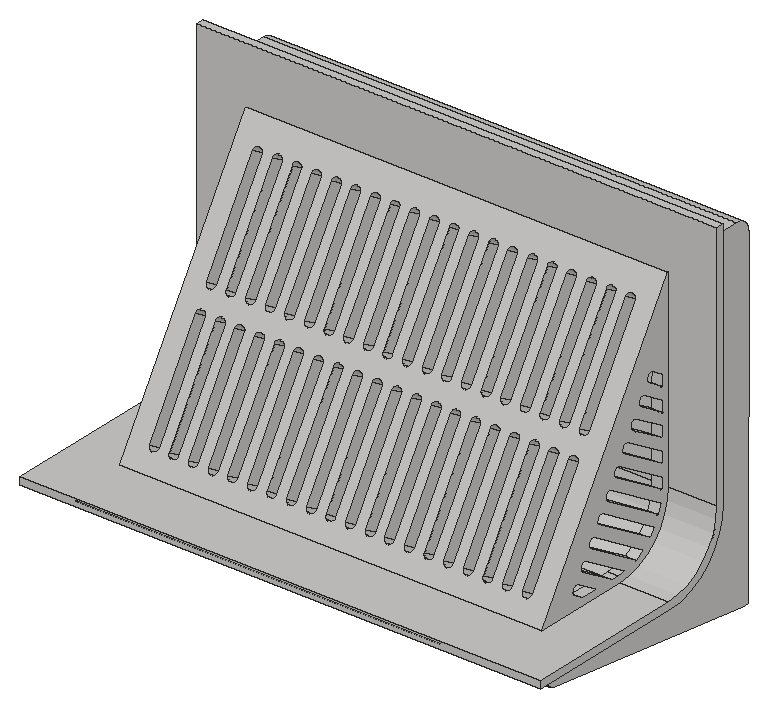
Revit family
Parameters (values of type "9682-2"")
  Width = 10 1/2"
  Waste Connection Radius = 1"
  Waste Connection Height = 1 1/2"
  Waste Connection Diameter = Waste Connection Radius * 2  # 2"
  Waste Connection = yes
  Vent Connection = no
  URL = "www.jrsmith.com"
  Price = "Prices may vary. Please consult Manufacturer Representative for most up-to-date price list."  # constant formula
  Phone Number = "416-250-5656"  # constant formula
  Omniclass Table 23 Title = "Waste Water Drains"  # constant formula
  Omniclass Table 23 Code = "23.70.50.21.24"  # constant formula
  Nominal Length = 2 3/4"
  Model = "9682-2\""
  Material = Metal-Jay R Smith-Stainless Steel
  Masterformat Title = "Sanitary Drains"  # constant formula
  Masterformat Number = "22 13 19.13"  # constant formula
  Manufacturer = "Jay R. Smith"
  Length = Width  # 10 1/2"
  Height = 7 7/8"
  HW Connection = no
  Description = "Scupper Drain"
  Default Elevation = 0"
  Creation Date = "31/10/2014"  # constant formula
  Created By = "Allied Technical Services"  # constant formula
  CW Connection = no
  Assembly Code = "D2030300"
  ATS URL = "http://www.atsspec.net"
Types (5): name | Waste Connection Radius | Waste Connection Height | Waste Connection Diameter | Nominal Length | Model
  (no name) | 1" | 1 1/2" | 2" | 2 3/4" | "9682-2\""
  9682-2" | 1" | 1 1/2" | 2" | 2 3/4" | "9682-2\""
  9682-3" | 1 1/2" | 1 3/4" | 3" | 3 3/8" | "9682-3\""
  9682-4" | 2" | 2 1/4" | 4" | 3 1/2" | "9682-4\""
  9682-6" | 3" | 3 1/4" | 6" | 3 3/4" | "9682-4\""
Reference planes (in)
  plane 1 "Center (Front/Back)": y = 0
  plane 2: z = 0
  plane 3 "Center (Left/Right)": x = 0
  plane 4: x = -6.625
  plane 5: x = -6.0225
  plane 6: x = 6.0225
  plane 7: x = 5.375
  plane 8: through (0, -2.59498, 3.56572) normal (0, 0.5288, 0.8487)
  plane 9: z = 8.0575
  plane 10: z = -1.505
  plane 11: z = 0.245
  plane 12: z = 6.745
  plane 13: y = -7.375
  plane 14: y = -5.75
  plane 15: y = -1.75
  plane 16: y = 1
  plane 17: x = -5.375
  plane 18: x = 6.625
  plane 19: z = -0.005
  plane 20: z = 0.995
Forms (in)
  Extrusion 1, solid, material "Metal-Jay R Smith-Stainless Steel" <- "Material"
    sketch origin (0, 0, 0) x (0, -1, 0) y (0, 0, 1)
      loop
        line (7.375, 0.177) -> (3.28128, 0.177)
        arc (3.28128, 0.177) -> (2.1985, 0.6255) -> (1.75, 1.70828) r 1.53128
        line (1.75, 1.70828) -> (1.75, 8.0575) -> (1.56, 8.0575) -> (1.56, 1.677)
        arc (1.56, 1.677) -> (2.05118, 0.49118) -> (3.237, 0) r 1.677
        line (3.237, 0) -> (7.375, 0) -> (7.375, 0.177)
    from -6.625 to 6.625
  Extrusion 2, solid, material "Metal-Jay R Smith-Stainless Steel" <- "Material"
    sketch origin (0, 0, 0) x (0, -1, 0) y (0, 0, 1)
      loop
        line (6.49021, -0.27264) -> (6.45311, 0) -> (3.237, 0)
        arc (3.237, 0) -> (2.05118, 0.49118) -> (1.56, 1.677) r 1.677
        line (1.56, 1.677) -> (1.56, 7.3545) -> (0.37, 7.3545)
        arc (0.37, 7.3545) -> (0.10837, 7.24613) -> (0, 6.9845) r 0.37
        line (0, 6.9845) -> (0, -1.505) -> (0.17878, -1.505) -> (6.17337, -0.68917)
        arc (6.17337, -0.68917) -> (6.41808, -0.54654) -> (6.49021, -0.27264) r 0.37
    from -6.0225 to 6.0225
  Extrusion 3, solid, material "Metal-Jay R Smith-Stainless Steel" <- "Material"
    sketch origin (0, 0, 0) x (0, -1, 0) y (0, 0, 1)
      loop
        line (1.75, 6.60106) -> (1.75, 5.90142) -> (5.3169, 0.177) -> (5.75285, 0.177) -> (1.75, 6.60106)
    from -5.375 to 5.375
  Extrusion 4, void
    sketch origin (0, -3.30927, -1.13979) x (1, 0, 0) y (0, 0.528841, 0.848721)
      loop
        line (-3.875, 6.64086) -> (-3.875, 3.85036)
        arc (-3.875, 3.85036) -> (-3.83426, 3.77167) -> (-3.75, 3.74427) r 0.11672
        arc (-3.75, 3.74427) -> (-3.66574, 3.77167) -> (-3.625, 3.85036) r 0.11672
        line (-3.625, 3.85036) -> (-3.625, 6.64086)
        arc (-3.625, 6.64086) -> (-3.66574, 6.71955) -> (-3.75, 6.74696) r 0.11672
        arc (-3.75, 6.74696) -> (-3.83426, 6.71955) -> (-3.875, 6.64086) r 0.11672
      loop
        line (-3.375, 6.64086) -> (-3.375, 3.85036)
        arc (-3.375, 3.85036) -> (-3.33426, 3.77167) -> (-3.25, 3.74427) r 0.11672
        arc (-3.25, 3.74427) -> (-3.16574, 3.77167) -> (-3.125, 3.85036) r 0.11672
        line (-3.125, 3.85036) -> (-3.125, 6.64086)
        arc (-3.125, 6.64086) -> (-3.16574, 6.71955) -> (-3.25, 6.74696) r 0.11672
        arc (-3.25, 6.74696) -> (-3.33426, 6.71955) -> (-3.375, 6.64086) r 0.11672
      loop
        line (-2.875, 6.64086) -> (-2.875, 3.85036)
        arc (-2.875, 3.85036) -> (-2.83426, 3.77167) -> (-2.75, 3.74427) r 0.11672
        arc (-2.75, 3.74427) -> (-2.66574, 3.77167) -> (-2.625, 3.85036) r 0.11672
        line (-2.625, 3.85036) -> (-2.625, 6.64086)
        arc (-2.625, 6.64086) -> (-2.66574, 6.71955) -> (-2.75, 6.74696) r 0.11672
        arc (-2.75, 6.74696) -> (-2.83426, 6.71955) -> (-2.875, 6.64086) r 0.11672
      loop
        line (-2.375, 6.64086) -> (-2.375, 3.85036)
        arc (-2.375, 3.85036) -> (-2.33426, 3.77167) -> (-2.25, 3.74427) r 0.11672
        arc (-2.25, 3.74427) -> (-2.16574, 3.77167) -> (-2.125, 3.85036) r 0.11672
        line (-2.125, 3.85036) -> (-2.125, 6.64086)
        arc (-2.125, 6.64086) -> (-2.16574, 6.71955) -> (-2.25, 6.74696) r 0.11672
        arc (-2.25, 6.74696) -> (-2.33426, 6.71955) -> (-2.375, 6.64086) r 0.11672
      loop
        line (-1.875, 6.64086) -> (-1.875, 3.85036)
        arc (-1.875, 3.85036) -> (-1.83426, 3.77167) -> (-1.75, 3.74427) r 0.11672
        arc (-1.75, 3.74427) -> (-1.66574, 3.77167) -> (-1.625, 3.85036) r 0.11672
        line (-1.625, 3.85036) -> (-1.625, 6.64086)
        arc (-1.625, 6.64086) -> (-1.66574, 6.71955) -> (-1.75, 6.74696) r 0.11672
        arc (-1.75, 6.74696) -> (-1.83426, 6.71955) -> (-1.875, 6.64086) r 0.11672
      loop
        line (-1.375, 6.64086) -> (-1.375, 3.85036)
        arc (-1.375, 3.85036) -> (-1.33426, 3.77167) -> (-1.25, 3.74427) r 0.11672
        arc (-1.25, 3.74427) -> (-1.16574, 3.77167) -> (-1.125, 3.85036) r 0.11672
        line (-1.125, 3.85036) -> (-1.125, 6.64086)
        arc (-1.125, 6.64086) -> (-1.16574, 6.71955) -> (-1.25, 6.74696) r 0.11672
        arc (-1.25, 6.74696) -> (-1.33426, 6.71955) -> (-1.375, 6.64086) r 0.11672
      loop
        line (-0.875, 6.64086) -> (-0.875, 3.85036)
        arc (-0.875, 3.85036) -> (-0.83426, 3.77167) -> (-0.75, 3.74427) r 0.11672
        arc (-0.75, 3.74427) -> (-0.66574, 3.77167) -> (-0.625, 3.85036) r 0.11672
        line (-0.625, 3.85036) -> (-0.625, 6.64086)
        arc (-0.625, 6.64086) -> (-0.66574, 6.71955) -> (-0.75, 6.74696) r 0.11672
        arc (-0.75, 6.74696) -> (-0.83426, 6.71955) -> (-0.875, 6.64086) r 0.11672
      loop
        line (-0.375, 6.64086) -> (-0.375, 3.85036)
        arc (-0.375, 3.85036) -> (-0.33426, 3.77167) -> (-0.25, 3.74427) r 0.11672
        arc (-0.25, 3.74427) -> (-0.16574, 3.77167) -> (-0.125, 3.85036) r 0.11672
        line (-0.125, 3.85036) -> (-0.125, 6.64086)
        arc (-0.125, 6.64086) -> (-0.16574, 6.71955) -> (-0.25, 6.74696) r 0.11672
        arc (-0.25, 6.74696) -> (-0.33426, 6.71955) -> (-0.375, 6.64086) r 0.11672
      loop
        arc (3.875, 6.64086) -> (3.83426, 6.71955) -> (3.75, 6.74696) r 0.11672
        arc (3.75, 6.74696) -> (3.66574, 6.71955) -> (3.625, 6.64086) r 0.11672
        line (3.625, 6.64086) -> (3.625, 3.85036)
        arc (3.625, 3.85036) -> (3.66574, 3.77167) -> (3.75, 3.74427) r 0.11672
        arc (3.75, 3.74427) -> (3.83426, 3.77167) -> (3.875, 3.85036) r 0.11672
        line (3.875, 3.85036) -> (3.875, 6.64086)
      loop
        arc (3.375, 6.64086) -> (3.33426, 6.71955) -> (3.25, 6.74696) r 0.11672
        arc (3.25, 6.74696) -> (3.16574, 6.71955) -> (3.125, 6.64086) r 0.11672
        line (3.125, 6.64086) -> (3.125, 3.85036)
        arc (3.125, 3.85036) -> (3.16574, 3.77167) -> (3.25, 3.74427) r 0.11672
        arc (3.25, 3.74427) -> (3.33426, 3.77167) -> (3.375, 3.85036) r 0.11672
        line (3.375, 3.85036) -> (3.375, 6.64086)
      loop
        arc (2.875, 6.64086) -> (2.83426, 6.71955) -> (2.75, 6.74696) r 0.11672
        arc (2.75, 6.74696) -> (2.66574, 6.71955) -> (2.625, 6.64086) r 0.11672
        line (2.625, 6.64086) -> (2.625, 3.85036)
        arc (2.625, 3.85036) -> (2.66574, 3.77167) -> (2.75, 3.74427) r 0.11672
        arc (2.75, 3.74427) -> (2.83426, 3.77167) -> (2.875, 3.85036) r 0.11672
        line (2.875, 3.85036) -> (2.875, 6.64086)
      loop
        arc (2.375, 6.64086) -> (2.33426, 6.71955) -> (2.25, 6.74696) r 0.11672
        arc (2.25, 6.74696) -> (2.16574, 6.71955) -> (2.125, 6.64086) r 0.11672
        line (2.125, 6.64086) -> (2.125, 3.85036)
        arc (2.125, 3.85036) -> (2.16574, 3.77167) -> (2.25, 3.74427) r 0.11672
        arc (2.25, 3.74427) -> (2.33426, 3.77167) -> (2.375, 3.85036) r 0.11672
        line (2.375, 3.85036) -> (2.375, 6.64086)
      loop
        arc (1.875, 6.64086) -> (1.83426, 6.71955) -> (1.75, 6.74696) r 0.11672
        arc (1.75, 6.74696) -> (1.66574, 6.71955) -> (1.625, 6.64086) r 0.11672
        line (1.625, 6.64086) -> (1.625, 3.85036)
        arc (1.625, 3.85036) -> (1.66574, 3.77167) -> (1.75, 3.74427) r 0.11672
        arc (1.75, 3.74427) -> (1.83426, 3.77167) -> (1.875, 3.85036) r 0.11672
        line (1.875, 3.85036) -> (1.875, 6.64086)
      loop
        arc (1.375, 6.64086) -> (1.33426, 6.71955) -> (1.25, 6.74696) r 0.11672
        arc (1.25, 6.74696) -> (1.16574, 6.71955) -> (1.125, 6.64086) r 0.11672
        line (1.125, 6.64086) -> (1.125, 3.85036)
        arc (1.125, 3.85036) -> (1.16574, 3.77167) -> (1.25, 3.74427) r 0.11672
        arc (1.25, 3.74427) -> (1.33426, 3.77167) -> (1.375, 3.85036) r 0.11672
        line (1.375, 3.85036) -> (1.375, 6.64086)
      loop
        arc (0.875, 6.64086) -> (0.83426, 6.71955) -> (0.75, 6.74696) r 0.11672
        arc (0.75, 6.74696) -> (0.66574, 6.71955) -> (0.625, 6.64086) r 0.11672
        line (0.625, 6.64086) -> (0.625, 3.85036)
        arc (0.625, 3.85036) -> (0.66574, 3.77167) -> (0.75, 3.74427) r 0.11672
        arc (0.75, 3.74427) -> (0.83426, 3.77167) -> (0.875, 3.85036) r 0.11672
        line (0.875, 3.85036) -> (0.875, 6.64086)
      loop
        arc (0.375, 6.64086) -> (0.33426, 6.71955) -> (0.25, 6.74696) r 0.11672
        arc (0.25, 6.74696) -> (0.16574, 6.71955) -> (0.125, 6.64086) r 0.11672
        line (0.125, 6.64086) -> (0.125, 3.85036)
        arc (0.125, 3.85036) -> (0.16574, 3.77167) -> (0.25, 3.74427) r 0.11672
        arc (0.25, 3.74427) -> (0.33426, 3.77167) -> (0.375, 3.85036) r 0.11672
        line (0.375, 3.85036) -> (0.375, 6.64086)
      loop
        line (-3.875, 3.20336) -> (-3.875, 0.41286)
        arc (-3.875, 0.41286) -> (-3.83426, 0.33417) -> (-3.75, 0.30677) r 0.11672
        arc (-3.75, 0.30677) -> (-3.66574, 0.33417) -> (-3.625, 0.41286) r 0.11672
        line (-3.625, 0.41286) -> (-3.625, 3.20336)
        arc (-3.625, 3.20336) -> (-3.66574, 3.28205) -> (-3.75, 3.30946) r 0.11672
        arc (-3.75, 3.30946) -> (-3.83426, 3.28205) -> (-3.875, 3.20336) r 0.11672
      loop
        line (-3.375, 3.20336) -> (-3.375, 0.41286)
        arc (-3.375, 0.41286) -> (-3.33426, 0.33417) -> (-3.25, 0.30677) r 0.11672
        arc (-3.25, 0.30677) -> (-3.16574, 0.33417) -> (-3.125, 0.41286) r 0.11672
        line (-3.125, 0.41286) -> (-3.125, 3.20336)
        arc (-3.125, 3.20336) -> (-3.16574, 3.28205) -> (-3.25, 3.30946) r 0.11672
        arc (-3.25, 3.30946) -> (-3.33426, 3.28205) -> (-3.375, 3.20336) r 0.11672
      loop
        line (-2.875, 3.20336) -> (-2.875, 0.41286)
        arc (-2.875, 0.41286) -> (-2.83426, 0.33417) -> (-2.75, 0.30677) r 0.11672
        arc (-2.75, 0.30677) -> (-2.66574, 0.33417) -> (-2.625, 0.41286) r 0.11672
        line (-2.625, 0.41286) -> (-2.625, 3.20336)
        arc (-2.625, 3.20336) -> (-2.66574, 3.28205) -> (-2.75, 3.30946) r 0.11672
        arc (-2.75, 3.30946) -> (-2.83426, 3.28205) -> (-2.875, 3.20336) r 0.11672
      loop
        line (-2.375, 3.20336) -> (-2.375, 0.41286)
        arc (-2.375, 0.41286) -> (-2.33426, 0.33417) -> (-2.25, 0.30677) r 0.11672
        arc (-2.25, 0.30677) -> (-2.16574, 0.33417) -> (-2.125, 0.41286) r 0.11672
        line (-2.125, 0.41286) -> (-2.125, 3.20336)
        arc (-2.125, 3.20336) -> (-2.16574, 3.28205) -> (-2.25, 3.30946) r 0.11672
        arc (-2.25, 3.30946) -> (-2.33426, 3.28205) -> (-2.375, 3.20336) r 0.11672
      loop
        line (-1.875, 3.20336) -> (-1.875, 0.41286)
        arc (-1.875, 0.41286) -> (-1.83426, 0.33417) -> (-1.75, 0.30677) r 0.11672
        arc (-1.75, 0.30677) -> (-1.66574, 0.33417) -> (-1.625, 0.41286) r 0.11672
        line (-1.625, 0.41286) -> (-1.625, 3.20336)
        arc (-1.625, 3.20336) -> (-1.66574, 3.28205) -> (-1.75, 3.30946) r 0.11672
        arc (-1.75, 3.30946) -> (-1.83426, 3.28205) -> (-1.875, 3.20336) r 0.11672
      loop
        line (-1.375, 3.20336) -> (-1.375, 0.41286)
        arc (-1.375, 0.41286) -> (-1.33426, 0.33417) -> (-1.25, 0.30677) r 0.11672
        arc (-1.25, 0.30677) -> (-1.16574, 0.33417) -> (-1.125, 0.41286) r 0.11672
        line (-1.125, 0.41286) -> (-1.125, 3.20336)
        arc (-1.125, 3.20336) -> (-1.16574, 3.28205) -> (-1.25, 3.30946) r 0.11672
        arc (-1.25, 3.30946) -> (-1.33426, 3.28205) -> (-1.375, 3.20336) r 0.11672
      loop
        line (-0.875, 3.20336) -> (-0.875, 0.41286)
        arc (-0.875, 0.41286) -> (-0.83426, 0.33417) -> (-0.75, 0.30677) r 0.11672
        arc (-0.75, 0.30677) -> (-0.66574, 0.33417) -> (-0.625, 0.41286) r 0.11672
        line (-0.625, 0.41286) -> (-0.625, 3.20336)
        arc (-0.625, 3.20336) -> (-0.66574, 3.28205) -> (-0.75, 3.30946) r 0.11672
        arc (-0.75, 3.30946) -> (-0.83426, 3.28205) -> (-0.875, 3.20336) r 0.11672
      loop
        line (-0.375, 3.20336) -> (-0.375, 0.41286)
        arc (-0.375, 0.41286) -> (-0.33426, 0.33417) -> (-0.25, 0.30677) r 0.11672
        arc (-0.25, 0.30677) -> (-0.16574, 0.33417) -> (-0.125, 0.41286) r 0.11672
        line (-0.125, 0.41286) -> (-0.125, 3.20336)
        arc (-0.125, 3.20336) -> (-0.16574, 3.28205) -> (-0.25, 3.30946) r 0.11672
        arc (-0.25, 3.30946) -> (-0.33426, 3.28205) -> (-0.375, 3.20336) r 0.11672
      loop
        arc (3.875, 3.20336) -> (3.83426, 3.28205) -> (3.75, 3.30946) r 0.11672
        arc (3.75, 3.30946) -> (3.66574, 3.28205) -> (3.625, 3.20336) r 0.11672
        line (3.625, 3.20336) -> (3.625, 0.41286)
        arc (3.625, 0.41286) -> (3.66574, 0.33417) -> (3.75, 0.30677) r 0.11672
        arc (3.75, 0.30677) -> (3.83426, 0.33417) -> (3.875, 0.41286) r 0.11672
        line (3.875, 0.41286) -> (3.875, 3.20336)
      loop
        arc (3.375, 3.20336) -> (3.33426, 3.28205) -> (3.25, 3.30946) r 0.11672
        arc (3.25, 3.30946) -> (3.16574, 3.28205) -> (3.125, 3.20336) r 0.11672
        line (3.125, 3.20336) -> (3.125, 0.41286)
        arc (3.125, 0.41286) -> (3.16574, 0.33417) -> (3.25, 0.30677) r 0.11672
        arc (3.25, 0.30677) -> (3.33426, 0.33417) -> (3.375, 0.41286) r 0.11672
        line (3.375, 0.41286) -> (3.375, 3.20336)
      loop
        arc (2.875, 3.20336) -> (2.83426, 3.28205) -> (2.75, 3.30946) r 0.11672
        arc (2.75, 3.30946) -> (2.66574, 3.28205) -> (2.625, 3.20336) r 0.11672
        line (2.625, 3.20336) -> (2.625, 0.41286)
        arc (2.625, 0.41286) -> (2.66574, 0.33417) -> (2.75, 0.30677) r 0.11672
        arc (2.75, 0.30677) -> (2.83426, 0.33417) -> (2.875, 0.41286) r 0.11672
        line (2.875, 0.41286) -> (2.875, 3.20336)
      loop
        arc (2.375, 3.20336) -> (2.33426, 3.28205) -> (2.25, 3.30946) r 0.11672
        arc (2.25, 3.30946) -> (2.16574, 3.28205) -> (2.125, 3.20336) r 0.11672
        line (2.125, 3.20336) -> (2.125, 0.41286)
        arc (2.125, 0.41286) -> (2.16574, 0.33417) -> (2.25, 0.30677) r 0.11672
        arc (2.25, 0.30677) -> (2.33426, 0.33417) -> (2.375, 0.41286) r 0.11672
        line (2.375, 0.41286) -> (2.375, 3.20336)
      loop
        arc (1.875, 3.20336) -> (1.83426, 3.28205) -> (1.75, 3.30946) r 0.11672
        arc (1.75, 3.30946) -> (1.66574, 3.28205) -> (1.625, 3.20336) r 0.11672
        line (1.625, 3.20336) -> (1.625, 0.41286)
        arc (1.625, 0.41286) -> (1.66574, 0.33417) -> (1.75, 0.30677) r 0.11672
        arc (1.75, 0.30677) -> (1.83426, 0.33417) -> (1.875, 0.41286) r 0.11672
        line (1.875, 0.41286) -> (1.875, 3.20336)
      loop
        arc (1.375, 3.20336) -> (1.33426, 3.28205) -> (1.25, 3.30946) r 0.11672
        arc (1.25, 3.30946) -> (1.16574, 3.28205) -> (1.125, 3.20336) r 0.11672
        line (1.125, 3.20336) -> (1.125, 0.41286)
        arc (1.125, 0.41286) -> (1.16574, 0.33417) -> (1.25, 0.30677) r 0.11672
        arc (1.25, 0.30677) -> (1.33426, 0.33417) -> (1.375, 0.41286) r 0.11672
        line (1.375, 0.41286) -> (1.375, 3.20336)
      loop
        arc (0.875, 3.20336) -> (0.83426, 3.28205) -> (0.75, 3.30946) r 0.11672
        arc (0.75, 3.30946) -> (0.66574, 3.28205) -> (0.625, 3.20336) r 0.11672
        line (0.625, 3.20336) -> (0.625, 0.41286)
        arc (0.625, 0.41286) -> (0.66574, 0.33417) -> (0.75, 0.30677) r 0.11672
        arc (0.75, 0.30677) -> (0.83426, 0.33417) -> (0.875, 0.41286) r 0.11672
        line (0.875, 0.41286) -> (0.875, 3.20336)
      loop
        arc (0.375, 3.20336) -> (0.33426, 3.28205) -> (0.25, 3.30946) r 0.11672
        arc (0.25, 3.30946) -> (0.16574, 3.28205) -> (0.125, 3.20336) r 0.11672
        line (0.125, 3.20336) -> (0.125, 0.41286)
        arc (0.125, 0.41286) -> (0.16574, 0.33417) -> (0.25, 0.30677) r 0.11672
        arc (0.25, 0.30677) -> (0.33426, 0.33417) -> (0.375, 0.41286) r 0.11672
        line (0.375, 0.41286) -> (0.375, 3.20336)
      loop
        arc (4.375, 6.64086) -> (4.33426, 6.71955) -> (4.25, 6.74696) r 0.11672
        arc (4.25, 6.74696) -> (4.16574, 6.71955) -> (4.125, 6.64086) r 0.11672
        line (4.125, 6.64086) -> (4.125, 3.85036)
        arc (4.125, 3.85036) -> (4.16574, 3.77167) -> (4.25, 3.74427) r 0.11672
        arc (4.25, 3.74427) -> (4.33426, 3.77167) -> (4.375, 3.85036) r 0.11672
        line (4.375, 3.85036) -> (4.375, 6.64086)
      loop
        arc (4.375, 3.20336) -> (4.33426, 3.28205) -> (4.25, 3.30946) r 0.11672
        arc (4.25, 3.30946) -> (4.16574, 3.28205) -> (4.125, 3.20336) r 0.11672
        line (4.125, 3.20336) -> (4.125, 0.41286)
        arc (4.125, 0.41286) -> (4.16574, 0.33417) -> (4.25, 0.30677) r 0.11672
        arc (4.25, 0.30677) -> (4.33426, 0.33417) -> (4.375, 0.41286) r 0.11672
        line (4.375, 0.41286) -> (4.375, 3.20336)
      loop
        arc (4.875, 6.64086) -> (4.83426, 6.71955) -> (4.75, 6.74696) r 0.11672
        arc (4.75, 6.74696) -> (4.66574, 6.71955) -> (4.625, 6.64086) r 0.11672
        line (4.625, 6.64086) -> (4.625, 3.85036)
        arc (4.625, 3.85036) -> (4.66574, 3.77167) -> (4.75, 3.74427) r 0.11672
        arc (4.75, 3.74427) -> (4.83426, 3.77167) -> (4.875, 3.85036) r 0.11672
        line (4.875, 3.85036) -> (4.875, 6.64086)
      loop
        arc (4.875, 3.20336) -> (4.83426, 3.28205) -> (4.75, 3.30946) r 0.11672
        arc (4.75, 3.30946) -> (4.66574, 3.28205) -> (4.625, 3.20336) r 0.11672
        line (4.625, 3.20336) -> (4.625, 0.41286)
        arc (4.625, 0.41286) -> (4.66574, 0.33417) -> (4.75, 0.30677) r 0.11672
        arc (4.75, 0.30677) -> (4.83426, 0.33417) -> (4.875, 0.41286) r 0.11672
        line (4.875, 0.41286) -> (4.875, 3.20336)
      loop
        line (-4.875, 6.64086) -> (-4.875, 3.85036)
        arc (-4.875, 3.85036) -> (-4.83426, 3.77167) -> (-4.75, 3.74427) r 0.11672
        arc (-4.75, 3.74427) -> (-4.66574, 3.77167) -> (-4.625, 3.85036) r 0.11672
        line (-4.625, 3.85036) -> (-4.625, 6.64086)
        arc (-4.625, 6.64086) -> (-4.66574, 6.71955) -> (-4.75, 6.74696) r 0.11672
        arc (-4.75, 6.74696) -> (-4.83426, 6.71955) -> (-4.875, 6.64086) r 0.11672
      loop
        line (-4.375, 6.64086) -> (-4.375, 3.85036)
        arc (-4.375, 3.85036) -> (-4.33426, 3.77167) -> (-4.25, 3.74427) r 0.11672
        arc (-4.25, 3.74427) -> (-4.16574, 3.77167) -> (-4.125, 3.85036) r 0.11672
        line (-4.125, 3.85036) -> (-4.125, 6.64086)
        arc (-4.125, 6.64086) -> (-4.16574, 6.71955) -> (-4.25, 6.74696) r 0.11672
        arc (-4.25, 6.74696) -> (-4.33426, 6.71955) -> (-4.375, 6.64086) r 0.11672
      loop
        line (-4.875, 3.20336) -> (-4.875, 0.41286)
        arc (-4.875, 0.41286) -> (-4.83426, 0.33417) -> (-4.75, 0.30677) r 0.11672
        arc (-4.75, 0.30677) -> (-4.66574, 0.33417) -> (-4.625, 0.41286) r 0.11672
        line (-4.625, 0.41286) -> (-4.625, 3.20336)
        arc (-4.625, 3.20336) -> (-4.66574, 3.28205) -> (-4.75, 3.30946) r 0.11672
        arc (-4.75, 3.30946) -> (-4.83426, 3.28205) -> (-4.875, 3.20336) r 0.11672
      loop
        line (-4.375, 3.20336) -> (-4.375, 0.41286)
        arc (-4.375, 0.41286) -> (-4.33426, 0.33417) -> (-4.25, 0.30677) r 0.11672
        arc (-4.25, 0.30677) -> (-4.16574, 0.33417) -> (-4.125, 0.41286) r 0.11672
        line (-4.125, 0.41286) -> (-4.125, 3.20336)
        arc (-4.125, 3.20336) -> (-4.16574, 3.28205) -> (-4.25, 3.30946) r 0.11672
        arc (-4.25, 3.30946) -> (-4.33426, 3.28205) -> (-4.375, 3.20336) r 0.11672
    from 2.4003 to 2.98895
  Extrusion 5, solid, material "Metal-Jay R Smith-Stainless Steel" <- "Material"
    sketch origin (0, -40.93093, -25.36937) x (0, 1, 0) y (0, 0, 1)
      loop
        arc (37.64965, 25.54637) -> (38.73243, 25.99487) -> (39.18093, 27.07765) r 1.53128
        line (39.18093, 27.07765) -> (39.18093, 31.27079) -> (35.61403, 25.54637) -> (37.64965, 25.54637)
      loop
        line (36.45404, 25.72345) -> (36.93341, 25.71932) -> (36.32577, 26.09794)
        arc (36.32577, 26.09794) -> (36.15363, 26.0578) -> (36.19373, 25.88565) r 0.125
        line (36.19373, 25.88565) -> (36.45404, 25.72345)
      loop
        arc (37.61881, 25.7134) -> (37.73364, 25.71721) -> (37.84776, 25.73059) r 1.375
        line (37.84776, 25.73059) -> (36.59031, 26.52222)
        arc (36.59031, 26.52222) -> (36.41813, 26.48229) -> (36.45801, 26.3101) r 0.125
        line (36.45801, 26.3101) -> (37.41278, 25.71518) -> (37.61881, 25.7134)
      loop
        arc (38.17849, 25.82719) -> (38.30193, 25.88833) -> (38.41863, 25.96152) r 1.375
        line (38.41863, 25.96152) -> (36.85472, 26.94659)
        arc (36.85472, 26.94659) -> (36.68252, 26.90661) -> (36.7225, 26.73441) r 0.125
        line (36.7225, 26.73441) -> (38.17849, 25.82719)
      loop
        arc (38.62467, 26.13829) -> (38.70443, 26.22946) -> (38.77586, 26.3273) r 1.375
        line (38.77586, 26.3273) -> (37.11913, 27.37096)
        arc (37.11913, 27.37096) -> (36.94694, 27.33097) -> (36.98692, 27.15877) r 0.125
        line (36.98692, 27.15877) -> (38.62467, 26.13829)
      loop
        arc (38.89872, 26.55665) -> (38.94159, 26.67347) -> (38.97373, 26.79368) r 1.375
        line (38.97373, 26.79368) -> (37.38357, 27.79531)
        arc (37.38357, 27.79531) -> (37.21136, 27.75534) -> (37.25134, 27.58314) r 0.125
        line (37.25134, 27.58314) -> (38.89872, 26.55665)
      loop
        line (39.00565, 27.07914) -> (39.00818, 27.37213) -> (37.64811, 28.21959)
        arc (37.64811, 28.21959) -> (37.47582, 28.17976) -> (37.51576, 28.0075) r 0.125
        line (37.51576, 28.0075) -> (39.00565, 27.07914)
      loop
        line (39.01071, 27.66511) -> (39.01324, 27.9581) -> (37.91234, 28.64407)
        arc (37.91234, 28.64407) -> (37.74013, 28.60394) -> (37.78035, 28.43176) r 0.125
        line (37.78035, 28.43176) -> (39.01071, 27.66511)
      loop
        line (39.01577, 28.25108) -> (39.0183, 28.54407) -> (38.17682, 29.0684)
        arc (38.17682, 29.0684) -> (38.00462, 29.02841) -> (38.04461, 28.85622) r 0.125
        line (38.04461, 28.85622) -> (39.01577, 28.25108)
      loop
        line (39.02083, 28.83705) -> (39.02335, 29.13004) -> (38.4413, 29.49272)
        arc (38.4413, 29.49272) -> (38.26909, 29.45286) -> (38.30892, 29.28064) r 0.125
        line (38.30892, 29.28064) -> (39.02083, 28.83705)
      loop
        line (38.5736, 29.70484) -> (39.02588, 29.42302) -> (39.02841, 29.71601) -> (38.70566, 29.91712)
        arc (38.70566, 29.91712) -> (38.53341, 29.87705) -> (38.5736, 29.70484) r 0.125
    from 5.09936 to 5.375
  Extrusion 6, solid, material "Metal-Jay R Smith-Stainless Steel" <- "Material"
    sketch origin (0, -40.93093, -25.36937) x (0, 1, 0) y (0, 0, -1)
      loop
        line (37.64965, -25.54637) -> (35.61403, -25.54637) -> (39.18093, -31.27079) -> (39.18093, -27.07765)
        arc (39.18093, -27.07765) -> (38.73243, -25.99487) -> (37.64965, -25.54637) r 1.53128
      loop
        line (36.45404, -25.72345) -> (36.19373, -25.88565)
        arc (36.19373, -25.88565) -> (36.15363, -26.0578) -> (36.32577, -26.09794) r 0.125
        line (36.32577, -26.09794) -> (36.93341, -25.71932) -> (36.45404, -25.72345)
      loop
        line (37.61881, -25.7134) -> (37.41278, -25.71518) -> (36.45801, -26.3101)
        arc (36.45801, -26.3101) -> (36.41813, -26.48229) -> (36.59031, -26.52222) r 0.125
        line (36.59031, -26.52222) -> (37.84776, -25.73059)
        arc (37.84776, -25.73059) -> (37.73364, -25.71721) -> (37.61881, -25.7134) r 1.375
      loop
        line (38.17849, -25.82719) -> (36.7225, -26.73441)
        arc (36.7225, -26.73441) -> (36.68252, -26.90661) -> (36.85472, -26.94659) r 0.125
        line (36.85472, -26.94659) -> (38.41863, -25.96152)
        arc (38.41863, -25.96152) -> (38.30193, -25.88833) -> (38.17849, -25.82719) r 1.375
      loop
        line (38.62467, -26.13829) -> (36.98692, -27.15877)
        arc (36.98692, -27.15877) -> (36.94694, -27.33097) -> (37.11913, -27.37096) r 0.125
        line (37.11913, -27.37096) -> (38.77586, -26.3273)
        arc (38.77586, -26.3273) -> (38.70443, -26.22946) -> (38.62467, -26.13829) r 1.375
      loop
        line (38.89872, -26.55665) -> (37.25134, -27.58314)
        arc (37.25134, -27.58314) -> (37.21136, -27.75534) -> (37.38357, -27.79531) r 0.125
        line (37.38357, -27.79531) -> (38.97373, -26.79368)
        arc (38.97373, -26.79368) -> (38.94159, -26.67347) -> (38.89872, -26.55665) r 1.375
      loop
        line (39.00565, -27.07914) -> (37.51576, -28.0075)
        arc (37.51576, -28.0075) -> (37.47582, -28.17976) -> (37.64811, -28.21959) r 0.125
        line (37.64811, -28.21959) -> (39.00818, -27.37213) -> (39.00565, -27.07914)
      loop
        line (39.01071, -27.66511) -> (37.78035, -28.43176)
        arc (37.78035, -28.43176) -> (37.74013, -28.60394) -> (37.91234, -28.64407) r 0.125
        line (37.91234, -28.64407) -> (39.01324, -27.9581) -> (39.01071, -27.66511)
      loop
        line (39.01577, -28.25108) -> (38.04461, -28.85622)
        arc (38.04461, -28.85622) -> (38.00462, -29.02841) -> (38.17682, -29.0684) r 0.125
        line (38.17682, -29.0684) -> (39.0183, -28.54407) -> (39.01577, -28.25108)
      loop
        line (39.02083, -28.83705) -> (38.30892, -29.28064)
        arc (38.30892, -29.28064) -> (38.26909, -29.45286) -> (38.4413, -29.49272) r 0.125
        line (38.4413, -29.49272) -> (39.02335, -29.13004) -> (39.02083, -28.83705)
      loop
        arc (38.5736, -29.70484) -> (38.53341, -29.87705) -> (38.70566, -29.91712) r 0.125
        line (38.70566, -29.91712) -> (39.02841, -29.71601) -> (39.02588, -29.42302) -> (38.5736, -29.70484)
    from 5.09936 to 5.375
  Revolve 7, solid, material "Metal-Jay R Smith-Stainless Steel" <- "Material"
    sketch origin (0, -123.51072, -130.95427) x (0, 1, 0) y (0, 0, 1)
      loop
        line (123.51072, 132.19927) -> (123.51072, 131.94927) -> (124.51072, 131.94927) -> (124.51072, 132.32427) -> (123.63572, 132.32427) -> (123.51072, 132.19927)
      axis (124.51072, 130.94927) -> (123.51072, 130.94927)
    angle from 0 to 360
Cuts and joins
  Extrusion 4 cuts Extrusion 3
  joined: Extrusion 3, Extrusion 5, Extrusion 6
  Extrusion 4 cuts Extrusion 1
  Extrusion 4 cuts Extrusion 2
Dimensions and locks (in)
  plane 11 to plane 10 = 1 3/4"
  plane 12 to plane 11 = 6 1/2"
  plane 9 to plane 12 = 1 5/16"
  plane 15 to plane 1 "Center (Front/Back)" = 1 3/4"
  plane 14 to plane 15 = 4"
  plane 13 to plane 14 = 1 5/8"
  "Nominal Length": plane 15 to plane 16
  plane 4 to plane 17 = 1 1/4"
  plane 17 to plane 7 = 10 3/4"
  "Waste Connection Height": plane 19 to plane 10
  plane 11 to plane 19 = 1/4"
  "Waste Connection Radius": plane 20 to plane 19
  locked: Revolve 7 sketch curve to plane 20 at 0.375
  aligned and locked: Extrusion 2 sketch curve to cut or joined group of Extrusion 1, Extrusion 4
  aligned and locked: plane 19 to Revolve 7 sketch curve
  aligned and locked: plane 16 to Revolve 7 sketch curve
  aligned and locked: Revolve 7 sketch curve to plane 20
  aligned and locked: plane 1 "Center (Front/Back)" to Revolve 7 sketch curve
Automatic sketch dimensions
  plane 9 to Extrusion 1 sketch curve = 0"
  Extrusion 1 sketch curve to plane 15 = 0"
  Extrusion 1 sketch curve to level = 0"
  Extrusion 1 sketch curve to plane 13 = 0"
  Extrusion 1 sketch curve to plane 11 = 0.068"
  plane 15 to Extrusion 1 sketch curve = 1.53128"
  Extrusion 1 sketch curve to Extrusion 1 sketch curve = 0"  (x2)
  Extrusion 2 sketch curve to plane 1 "Center (Front/Back)" = 0"
  Extrusion 2 sketch curve to plane 10 = 0"
  Extrusion 2 sketch curve to Extrusion 2 sketch curve = 0.17878"
  plane 1 "Center (Front/Back)" to Extrusion 2 sketch curve = 0.37"
  Extrusion 2 sketch curve to Extrusion 2 sketch curve = 0"  (x3)
  Extrusion 2 sketch curve to plane 15 = 0.19"
  plane 14 to Extrusion 2 sketch curve = 0.37359"
  Extrusion 2 sketch curve to Extrusion 2 sketch curve = 0.04978"
  Extrusion 2 sketch curve to Extrusion 2 sketch curve = 0.32952"
  Extrusion 2 sketch curve to Extrusion 2 sketch curve = 0.0371"
  Extrusion 2 sketch curve to level = 0.27264"
  Extrusion 2 sketch curve to Extrusion 2 sketch curve = 0.41653"
  Extrusion 2 sketch curve to level = 0.32254"
  plane 12 to Extrusion 2 sketch curve = 0.2395"
  plane 12 to Extrusion 2 sketch curve = 0.6095"
  Extrusion 4 sketch curve to plane 17 = 1/2"  (x2)
  Extrusion 4 sketch curve to Extrusion 4 sketch curve = 0.11626"  (x120)
  Extrusion 4 sketch curve to Extrusion 4 sketch curve = 0.00874"  (x80)
  Extrusion 4 sketch curve to Extrusion 4 sketch curve = 0.01748"  (x80)
  Extrusion 4 sketch curve to Extrusion 4 sketch curve = 1/4"  (x36)
  plane 3 "Center (Left/Right)" to Extrusion 4 sketch curve = 1/8"  (x2)
  Extrusion 4 sketch curve to Extrusion 4 sketch curve = 0"  (x95)
  Extrusion 4 sketch curve to Extrusion 4 sketch curve = 0.10609"  (x40)
  Extrusion 4 sketch curve to Extrusion 4 sketch curve = 0.0103"  (x80)
  Extrusion 4 sketch curve to Extrusion 4 sketch curve = 2.76991"  (x4)
  Extrusion 4 sketch curve to Extrusion 4 sketch curve = 0.43482"  (x20)
  Extrusion 5 sketch curve to Extrusion 5 sketch curve = 0"  (x12)
  Extrusion 5 sketch curve to plane 15 = 0"
  plane 15 to Extrusion 5 sketch curve = 0.15252"
  plane 15 to Extrusion 5 sketch curve = 0.15505"
  plane 15 to Extrusion 5 sketch curve = 0.15758"
  plane 15 to Extrusion 5 sketch curve = 0.16011"
  plane 15 to Extrusion 5 sketch curve = 0.16264"
  plane 15 to Extrusion 5 sketch curve = 0.16516"
  plane 15 to Extrusion 5 sketch curve = 0.16769"
  plane 15 to Extrusion 5 sketch curve = 0.17022"
  plane 15 to Extrusion 5 sketch curve = 0.17275"
  plane 15 to Extrusion 5 sketch curve = 0.17528"
  plane 15 to Extrusion 5 sketch curve = 0.2072"
  Extrusion 5 sketch curve to Extrusion 5 sketch curve = 0.07502"
  Extrusion 5 sketch curve to Extrusion 5 sketch curve = 0.12286"
  Extrusion 5 sketch curve to Extrusion 5 sketch curve = 0.32276"
  Extrusion 5 sketch curve to Extrusion 5 sketch curve = 0.06611"  (x8)
  Extrusion 5 sketch curve to Extrusion 5 sketch curve = 0.15119"
  Extrusion 5 sketch curve to Extrusion 5 sketch curve = 0.06595"
  Extrusion 5 sketch curve to Extrusion 5 sketch curve = 0.1323"
  Extrusion 5 sketch curve to Extrusion 5 sketch curve = 0.20604"
  Extrusion 5 sketch curve to Extrusion 5 sketch curve = 0.06617"
  Extrusion 5 sketch curve to Extrusion 5 sketch curve = 0.06621"
  Extrusion 5 sketch curve to Extrusion 5 sketch curve = 0.24015"
  Extrusion 5 sketch curve to Extrusion 5 sketch curve = 0.13211"
  Extrusion 5 sketch curve to Extrusion 5 sketch curve = 0.13226"
  Extrusion 5 sketch curve to Extrusion 5 sketch curve = 0.33073"
  Extrusion 5 sketch curve to Extrusion 5 sketch curve = 0.06605"
  Extrusion 5 sketch curve to Extrusion 5 sketch curve = 0.06594"
  Extrusion 5 sketch curve to Extrusion 5 sketch curve = 1.12621"
  Extrusion 5 sketch curve to Extrusion 5 sketch curve = 0.13224"  (x2)
  Extrusion 5 sketch curve to Extrusion 5 sketch curve = 0.01897"
  Extrusion 5 sketch curve to Extrusion 5 sketch curve = 0.03084"
  Extrusion 5 sketch curve to Extrusion 5 sketch curve = 0.06624"
  Extrusion 5 sketch curve to Extrusion 5 sketch curve = 0.20603"
  Extrusion 5 sketch curve to Extrusion 5 sketch curve = 0.1322"  (x2)
  Extrusion 5 sketch curve to Extrusion 5 sketch curve = 0.06612"  (x2)
  Extrusion 5 sketch curve to Extrusion 5 sketch curve = 0.13221"
  Extrusion 5 sketch curve to Extrusion 5 sketch curve = 0.0661"
  Extrusion 5 sketch curve to Extrusion 5 sketch curve = 0.47937"  (x2)
  Extrusion 5 sketch curve to Extrusion 5 sketch curve = 0.13219"
  Extrusion 5 sketch curve to Extrusion 5 sketch curve = 0.06618"
  Extrusion 5 sketch curve to Extrusion 5 sketch curve = 0.066"
  Extrusion 5 sketch curve to Extrusion 5 sketch curve = 0.06604"
  Extrusion 5 sketch curve to plane 14 = 0.4331"
  Extrusion 5 sketch curve to Extrusion 5 sketch curve = 0.10613"
  Extrusion 5 sketch curve to Extrusion 5 sketch curve = 0.17678"
  Extrusion 5 sketch curve to Extrusion 5 sketch curve = 0.10609"  (x5)
  Extrusion 5 sketch curve to Extrusion 5 sketch curve = 0.00149"
  Extrusion 5 sketch curve to Extrusion 5 sketch curve = 75/256"  (x9)
  Extrusion 5 sketch curve to Extrusion 5 sketch curve = 0.21218"  (x2)
  Extrusion 5 sketch curve to Extrusion 5 sketch curve = 0.21219"  (x2)
  Extrusion 5 sketch curve to Extrusion 5 sketch curve = 0.21216"  (x2)
  Extrusion 5 sketch curve to Extrusion 5 sketch curve = 0.10619"  (x2)
  Extrusion 5 sketch curve to Extrusion 5 sketch curve = 0.21215"
  Extrusion 5 sketch curve to Extrusion 5 sketch curve = 0.21224"
  Extrusion 5 sketch curve to Extrusion 5 sketch curve = 0.10603"
  Extrusion 5 sketch curve to Extrusion 5 sketch curve = 0.21212"
  Extrusion 5 sketch curve to plane 12 = 0.84358"
  Extrusion 6 sketch curve to Extrusion 6 sketch curve = 0"  (x12)
  Extrusion 6 sketch curve to plane 15 = 0"
  plane 15 to Extrusion 6 sketch curve = 0.15252"
  plane 15 to Extrusion 6 sketch curve = 0.15505"
  plane 15 to Extrusion 6 sketch curve = 0.15758"
  plane 15 to Extrusion 6 sketch curve = 0.16011"
  plane 15 to Extrusion 6 sketch curve = 0.16264"
  plane 15 to Extrusion 6 sketch curve = 0.16516"
  plane 15 to Extrusion 6 sketch curve = 0.16769"
  plane 15 to Extrusion 6 sketch curve = 0.17022"
  plane 15 to Extrusion 6 sketch curve = 0.17275"
  plane 15 to Extrusion 6 sketch curve = 0.17528"
  plane 15 to Extrusion 6 sketch curve = 0.2072"
  Extrusion 6 sketch curve to Extrusion 6 sketch curve = 0.07502"
  Extrusion 6 sketch curve to Extrusion 6 sketch curve = 0.12286"
  Extrusion 6 sketch curve to Extrusion 6 sketch curve = 0.32276"
  Extrusion 6 sketch curve to Extrusion 6 sketch curve = 0.06611"  (x8)
  Extrusion 6 sketch curve to Extrusion 6 sketch curve = 0.15119"
  Extrusion 6 sketch curve to Extrusion 6 sketch curve = 0.06595"
  Extrusion 6 sketch curve to Extrusion 6 sketch curve = 0.1323"
  Extrusion 6 sketch curve to Extrusion 6 sketch curve = 0.20604"
  Extrusion 6 sketch curve to Extrusion 6 sketch curve = 0.06617"
  Extrusion 6 sketch curve to Extrusion 6 sketch curve = 0.06621"
  Extrusion 6 sketch curve to Extrusion 6 sketch curve = 0.24015"
  Extrusion 6 sketch curve to Extrusion 6 sketch curve = 0.13211"
  Extrusion 6 sketch curve to Extrusion 6 sketch curve = 0.13226"
  Extrusion 6 sketch curve to Extrusion 6 sketch curve = 0.33073"
  Extrusion 6 sketch curve to Extrusion 6 sketch curve = 0.06605"
  Extrusion 6 sketch curve to Extrusion 6 sketch curve = 0.06594"
  Extrusion 6 sketch curve to Extrusion 6 sketch curve = 1.12621"
  Extrusion 6 sketch curve to Extrusion 6 sketch curve = 0.13224"  (x2)
  Extrusion 6 sketch curve to Extrusion 6 sketch curve = 0.01897"
  Extrusion 6 sketch curve to Extrusion 6 sketch curve = 0.03084"
  Extrusion 6 sketch curve to Extrusion 6 sketch curve = 0.06624"
  Extrusion 6 sketch curve to Extrusion 6 sketch curve = 0.20603"
  Extrusion 6 sketch curve to Extrusion 6 sketch curve = 0.1322"  (x2)
  Extrusion 6 sketch curve to Extrusion 6 sketch curve = 0.06612"  (x2)
  Extrusion 6 sketch curve to Extrusion 6 sketch curve = 0.13221"
  Extrusion 6 sketch curve to Extrusion 6 sketch curve = 0.0661"
  Extrusion 6 sketch curve to Extrusion 6 sketch curve = 0.47937"  (x2)
  Extrusion 6 sketch curve to Extrusion 6 sketch curve = 0.13219"
  Extrusion 6 sketch curve to Extrusion 6 sketch curve = 0.06618"
  Extrusion 6 sketch curve to Extrusion 6 sketch curve = 0.066"
  Extrusion 6 sketch curve to Extrusion 6 sketch curve = 0.06604"
  Extrusion 6 sketch curve to plane 14 = 0.4331"
  Extrusion 6 sketch curve to Extrusion 6 sketch curve = 0.29447"
  Extrusion 6 sketch curve to Extrusion 6 sketch curve = 0.21218"  (x2)
  Extrusion 6 sketch curve to Extrusion 6 sketch curve = 75/256"  (x8)
  Extrusion 6 sketch curve to Extrusion 6 sketch curve = 0.10609"  (x5)
  Extrusion 6 sketch curve to Extrusion 6 sketch curve = 0.21219"  (x2)
  Extrusion 6 sketch curve to Extrusion 6 sketch curve = 0.21216"  (x2)
  Extrusion 6 sketch curve to Extrusion 6 sketch curve = 0.10619"  (x2)
  Extrusion 6 sketch curve to Extrusion 6 sketch curve = 0.21215"
  Extrusion 6 sketch curve to Extrusion 6 sketch curve = 0.21224"
  Extrusion 6 sketch curve to Extrusion 6 sketch curve = 0.10603"
  Extrusion 6 sketch curve to Extrusion 6 sketch curve = 0.21212"
  Extrusion 6 sketch curve to plane 12 = 0.84358"
  Extrusion 6 sketch curve to Extrusion 6 sketch curve = 0.00149"
  Extrusion 6 sketch curve to Extrusion 6 sketch curve = 0.22935"
  Extrusion 6 sketch curve to Extrusion 6 sketch curve = 0.21229"
  Extrusion 1 sketch curve to Extrusion 1 sketch curve = 0.03128"
  Extrusion 1 sketch curve to Extrusion 1 sketch curve = 0.04428"
  Extrusion 5 sketch curve to plane 11 = 0.068"
  Extrusion 5 sketch curve to Extrusion 5 sketch curve = 0.10605"
  Extrusion 5 sketch curve to Extrusion 5 sketch curve = 0.22935"
  Extrusion 6 sketch curve to Extrusion 6 sketch curve = 1.35367"
  Extrusion 6 sketch curve to Extrusion 6 sketch curve = 0.20111"
  Extrusion 6 sketch curve to Extrusion 6 sketch curve = 0.28546"
  Extrusion 6 sketch curve to Extrusion 6 sketch curve = 0.10608"
  plane 11 to Extrusion 5 sketch curve = 0.09903"
  plane 11 to Extrusion 5 sketch curve = 0.10081"
  plane 11 to Extrusion 5 sketch curve = 0.10494"
  plane 11 to Extrusion 5 sketch curve = 0.10908"
  Extrusion 5 sketch curve to Extrusion 5 sketch curve = 0.01719"
  Extrusion 5 sketch curve to Extrusion 5 sketch curve = 0.09659"
  plane 11 to Extrusion 5 sketch curve = 0.27128"
  Extrusion 6 sketch curve to Extrusion 6 sketch curve = 0.01069"
  Extrusion 6 sketch curve to Extrusion 6 sketch curve = 0.17678"
  plane 11 to Extrusion 6 sketch curve = 0.11622"
  plane 11 to Extrusion 6 sketch curve = 0.10908"
  plane 11 to Extrusion 6 sketch curve = 0.10494"
  plane 11 to Extrusion 6 sketch curve = 0.10081"
  plane 1 "Center (Front/Back)" to Revolve 7 sketch curve = 0.79781"
  Revolve 7 sketch curve to Revolve 7 sketch curve = 0.37019"
  Revolve 7 sketch curve to plane 1 "Center (Front/Back)" = 1/8"
  Revolve 7 sketch curve to Revolve 7 sketch curve = 1/8"
  Extrusion 3 sketch curve to plane 15 = 0"
  Extrusion 3 sketch curve to plane 11 = 0.068"
  Extrusion 3 sketch curve to plane 14 = 0.4331"
  plane 14 to Extrusion 3 sketch curve = 0.00285"
  Extrusion 3 sketch curve to plane 12 = 0.84358"
  Extrusion 3 sketch curve to plane 12 = 0.14394"
Connectors (in)
  piping at (0, 1, -0.005), driven by "Waste Connection Radius"
    settings: on Revolve 7, index 1
